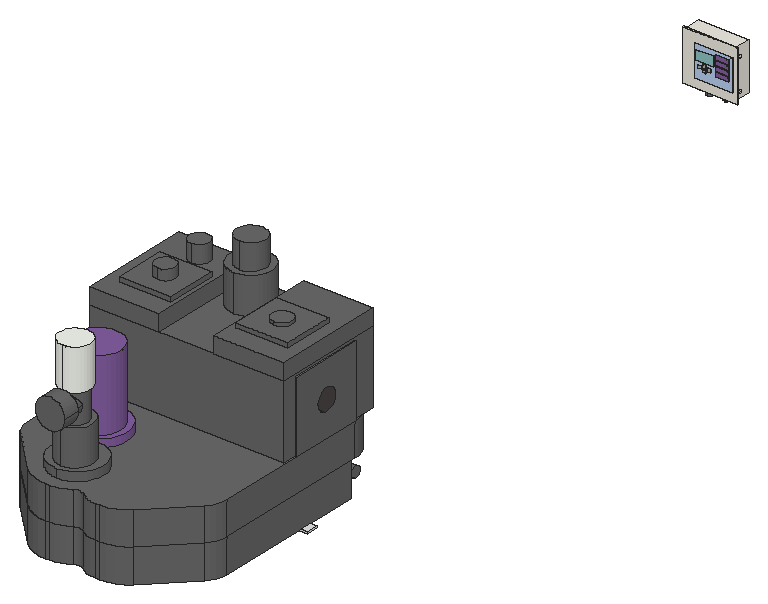
Revit family "11002", category Generic Models, Revit 2021
Family settings
  Can host rebar = No
  Round Connector Dimension = Use Diameter
  Part Type = Normal
  Work Plane-Based = No
  Always vertical = Yes
  Cut with Voids When Loaded = No
  Shared = Yes
  Room Calculation Point = No
Parameters (values of type "11002")
  SUPPLIER = "KESSEL"
  SA700ID49 = "Protection Class I"
  SA700ID48 = "no"
  SA700ID47 = "no"
  SA700ID46 = "yes"
  SA700ID37 = 7000 mm
  SA700ID34 = 38
  SA700ID33 = 1.6 W
  SA700ID32 = 66.03 kg
  SA700ID31 = 1
  SA700ID30 = 1
  SA700ID29 = "RWDR"
  SA700ID21 = 700
  SA700ID10 = "No"
  SA700ID08 = 230 V
  PROCUREWEBLINK = "https://p.caden.as/kessel/11002"
  PROCURELINK = "p.caden.as/kessel/11002"
  PROCUREDATALASTUPDATE = "2024-05-22T12:18:07.356613461+01:00"
  PREVIEW = "../../_pool_/8f/04/11002.png"
  PRC_SPECIFICATIONLINK = "https://ausschreiben.de/catalog/kessel/catalogItem/4f895a9a-ec98-4ba2-8892-15cdaee8a034"
  NN = "Lifting station Aqualift F XL"
  NBSYN = "$SA810ID03."
  NB = "11002"
  Model = "11002"
  Manufacturer = "KESSEL"
  MIdent = "{$CADENAS_DATA/23d-libs/kessel/kessel_vdi_import/4/entwaesserung/hebeanlage20aqualift20f20xl.prj},200 {STYP=ASS},{VTYP=3D},{NB=11002},{LINA=11002},{NN=Lifting station Aqualift F XL},{DATE=21.11.2022 10:48:11},{GEOMDATE=21.11.2022 10:48:11},{VERSION=},{LINEID=70},{WBVAR=LODLEVEL},{WBNUMERIC=LODLEVEL}  {NB=11002},{LINA=11002},{KT=DUMMY},{PREVIEW=../../_pool_/8f/04/11002.png},{SA700ID04=Hebeanlage Aqualift F XL 200 l, Mono, SPF 1400-S3, Schieber},{SA810ID06=04026092056691},{SA700ID34=38.00},{SA010ID03=201805},{SA810ID03=11002},{SA810ID10=Aqualift F XL 1400W-S3 Mono 200L m.S.KESSEL Aqualift F XL Hebeanlage für fäkalienhaltiges und fäkalienfreies Abwasser. Zur Aufstellung in frostgeschützten Räumen.Monoanlage mit einer Pumpe des Typs SPF 1400-S3 Sammelbehälter aus Polyethylen, mit verschraubter Reinigungsöffnung,Anschlussstutzen für Zulauf von oben DN100/150.Inklusive Tauchrohr zur pneumatischen Niveauerfassung,Entlüftungsanschluss DN 70 und Anschluss für eine Handmembranpumpe DN32.Behälter inklusive Haltewinkel zur Auftriebssicherung.Behältervolumen 200 Liter, max. Nutzvolumen bei Zulauf von oben ca. 120 Liter.Zwei seitliche und zwei rückseitige Anbohrflächen zur Montage weiterer Zuläufe bis DN 200 unter Verwendung von Durchgangsdichtungen.Inklusive KESSEL Schaltgerät Aqualift Comfort 230 V.Anwenderfreundliche Menüführung im mehrzeiligem Display. MitSelbstdiagnosesystem (SDS) und Erinnerungsfunktion für nächste Wartung.Anzeige der aktuellen Messwerte. Einfache Einstellung derfunktionsrelevanten Parameter, inklusive Betriebsstundenzähler und Anschlussmöglichkeit für potentialfreien Kontakt. OptionaleWeiterleitung von Alarm- und Sammelstörmeldung über GSM Schnittstelle.Schaltgerät mit Volltextanzeige in sechs Sprachen.Abwasserpumpe(n) mit Freistromrad zur Förderung von fäkalienfreiem und fäkalienhaltigem Abwasser gemäß DIN EN 12050-1. Freier Kugeldurchgang mindestens 40 mm. Pumpe(n) überflutungssicher. Inklusive Rückflussverhinderer, mit Druckabgang aus Kunststoff DN 100. Inklusive Absperrschieber.Pumpe(n) Typ SPF 1400-S3Fördermenge: max. 38 m³/hFörderhöhe: max. 7 mNennleistung (P2): 1,1 KW je PumpeAufnahmeleistung (P1): 1,6 KW je PumpeBetriebsspannung: 230 V WSNennfrequenz: 50 HzNennstrom: 7,3 AAbsicherung: 1 x 16 A trägeSchutzart (Pumpe): IP68 3mWS/48hSchutzart (Schaltgerät): IP 54Bertiebsart: S3 (50 % Einschaltdauer)Kabellänge: 5 mAußenmaße Anlage mit 200 Liter Behälter (BxTxH): 760 x 980 x 770 mm},{SA700ID37=7.00},{SA700ID33=1.60},{SA700ID08=230},{SA700ID30=1},{SA700ID32=66.03},{SA700ID49=Schutzklasse I},{SA700ID50=nein},{SA200ID03=6},{SA250ID03=vertikal},{SA260ID03=Trockenläuferpumpe},{SA350ID03=normalansaugend},{SA400ID03=E-Motor für Wechselstrom},{SA460ID03=direkt},{SA500ID03=Kunststoff, Edelstahl},{SA700ID06=100},{SA700ID07=100},{SA700ID09=1/N/PE 230V},{SA700ID10=Nein},{SA700ID11=50},{SA700ID12=IP 68},{SA700ID13=F},{SA700ID15=40},{SA700ID21=700.00},{SA700ID22=1.10},{SA700ID23=1370},{SA700ID24=1370},{SA700ID26=7.30},{SA700ID27=23.00},{SA700ID28=durchgehend},{SA700ID29=RWDR},{SA700ID31=1},{SA700ID46=ja},{SA700ID47=nein},{SA700ID48=nein},{SA110ID04=Hebeanlage Aqualift F XL},{SA300ID03=einstufig},{SA700ID44=10.00},{SA700ID45=10.00},{SA010ID04=KESSEL AG},{LODLEVEL=200},{LINK=https://www.kessel.de/info?han=11002},{SA970ID01=970},{SA970ID02=7123},{SA970ID03=11002},{SA970ID04=11002617},{SA970ID05=QUAD},{SA970ID06=-410},{SA970ID07=-850},{SA970ID08=0},{SA970ID09=1},{SA970ID10=0},{SA970ID11=0},{SA970ID12=0},{SA970ID13=1},{SA970ID14=0},{SA970ID15=820},{SA970ID16=980},{SA970ID17=771},{LODLEVEL_=200,'Low'},{LODLEVEL_DEU=200,'Low'},{LINK_=https://www.kessel.de/info?han=11002},{LINK_DEU=https://www.kessel.de/info?han=11002},{LODLEVEL_3DB=11002_200},{DNIN1=100},{DNIN2=70},{DNIN4=10},{DNIN5=50},{DNIN6=50},{DNIN7=50},{DNIN8=50},{DNIN9=MIN},{DNOUT1=32},{DNOUT2=100},{DNOUT3=70},{ISD1=96},{ISD2=10},{ISDOUT1=40},{ISDOUT2=70},{ISDOUT3=65},{SA010ID01=010},{SA010ID02=4},{SA010ID06=www.kessel.de},{SA010ID07=www.kessel.de},{SA010ID12=20180713},{SA010ID13=DEU},{SA010ID14=DE},{SA100ID01=100},{SA100ID02=4},{SA100ID04=Entwässerung},{SA110ID01=110},{SA110ID02=6},{SA200ID01=200},{SA200ID02=6},{SA250ID01=250},{SA250ID02=2},{SA260ID01=260},{SA260ID02=2},{SA300ID01=300},{SA300ID02=1},{SA350ID01=350},{SA350ID02=1},{SA400ID01=400},{SA400ID02=1},{SA460ID01=460},{SA460ID02=1},{SA500ID01=500},{SA500ID02=1},{SA700ID01=700},{SA700ID02=39},{SA700ID10_=0},{SA700ID16=0},{SA700ID25=0},{SA700ID46_=1},{SA700ID47_=0},{SA700ID48_=0},{SA700ID49_=1},{SA700ID50_=0},{SA800ID01=800},{SA800ID02=3},{SA810ID01=810},{SA810ID02=39},{SA810ID04=11002},{SA810ID07=39},{SA810ID09=1},{SA810ID14=PCE},{SA810ID15=1},{SA810ID16=NMP},{SA960ID03=39},{SA960ID04=3L},{SA960ID08=https://www.kessel.de/info?han=11002},{SA010ID08=4026092000007},{SA100ID05=Hebeanlage},{SA110ID06=Hebeanlage}"
  LINK = "https://www.kessel.de/info?han=11002"
  LINA = "11002"
  Default Elevation = 0 mm
  CREATOR = "CADENAS GmbH"
  CATALOG = "KESSEL"
  BOMINFO = "LINA"
  ARTICLENO = "NB"
  4.810.00.9 Order quantity (multiplicator) = "1"
  4.810.00.7 Media- connection number = "39"
  4.810.00.6 GTIN number = "04026092056691"
  4.810.00.4 DATANORM number = "11002"
  4.810.00.3 Producer order number = "11002"
  4.710.03.7 Mass (net) = 66.03 kg
  4.710.03.6 Height = 807 mm
  4.710.03.5 Width = 760 mm
  4.710.03.4 Length = 980 mm
  4.710.03.3 Type of dimensions = "2"
  4.710.02.8 Area of application of wastewater pump = "1"
  4.710.02.7 Art des S2/S3-Betriebs = "50 %"
  4.710.02.6 Duty type = "S3"
  4.710.02.5 Cutting device = "0"
  4.710.02.4 Attached pump control = "1"
  4.710.02.3 Free passage = 40 mm
  4.710.01.6 Option to connect to building automation = "40"
  4.710.01.5 Load regulation = "0"
  4.710.01.4 Designation of closed-loop control = "120"
  4.710.01.3 Identifier for closed-loop control = "200"
  4.700.00.9 Voltage = 0
  4.700.00.8 Nominal connection size on suction side = "100"
  4.700.00.7 Nominal connection size on pressure side = "100"
  4.700.00.6 Type of connection = "100"
  4.700.00.4 Product indentification = "Hebeanlage Aqualift F XL 200 l, Mono, SPF 1400-S3, Schieber"
  4.700.00.28 Motor pump shaft = "durchgehend"
  4.700.00.27 Starting current = 23
  4.700.00.26 Maximum power consumption per pump / drive = 7.3
  4.700.00.25 Minimum speed at internal speed adjustment = 0
  4.700.00.24 Nominal speed / maximum speed n = 22.8333
  4.700.00.23 Nominal speed of motor = 22.8333
  4.700.00.22 Maximum shaft output (P2) per pump/drive = 1.1 W
  4.700.00.16 Maximum temperature of pumped medium = 0 °C
  4.700.00.15 Increased safety class = "40 °C"
  4.700.00.13 Type of protection = "F"
  4.700.00.12 Frequency = 0
  4.700.00.11 Stern-/Dreieck-Anlaufschaltung bei Dreiphasenanschluss oder Drehstrom = "50 Hz"
  4.700.00.10 Phase = "0"
  4.500.00.3 Variant / Variant type / Accessories-name = "Kunststoff, Edelstahl"
  4.460.00.3 Variant / Variant type / Accessories-name = "direkt"
  4.400.00.3 Variant / Variant type / Accessories-name = "E-Motor für Wechselstrom"
  4.350.00.3 Variant / Variant type / Accessories-name = "normalansaugend"
  4.300.00.3 Variant / Variant type / Accessories-name = "einstufig"
  4.260.00.3 Variant / Variant type / Accessories-name = "Trockenläuferpumpe"
  4.250.00.3 Variant / Variant type / Accessories-name = "vertikal"
  4.200.00.3 Variant / Variant type / Accessories-name = "6"
  4.110.00.6 Product classification = "Hebeanlage"
  4.110.00.4 Product indentification = "Hebeanlage Aqualift F XL"
  4.100.00.5 Main groups of wares = "Hebeanlage"
  4.100.00.4 Product indentification = "Entwässerung"
  4.010.00.8 Producer ID number = "4026092000007"
  4.010.00.7 Comment = "www.kessel.de"
  4.010.00.6 Web address of the manufacturer = "www.kessel.de"
  4.010.00.4 Manufacturer name = "KESSEL AG"
  4.010.00.3 Date of issuance (month) of guideline = "201805"
  4.010.00.2 Sheet number of the guideline = "4"
  4.010.00.14 Kennungen der Projektländer, für die die Datei gültig ist = "DE"
  4.010.00.13 Sprache der Datei = "DEU"
  4.010.00.12 Stand des Herstellerkatalogs = "20180713"
Reference planes
  plane 1 "Center (Front/Back)": y = 0
  plane 2: z = 0
  plane 3 "Center (Left/Right)": x = 0
Forms (mm)
  Extrusion 1, void
    sketch origin (380.5, -115, 392) x (0, -1, 0) y (0, 0, 1)
      loop
        line (-0.5, -0.5) -> (0.5, -0.5) -> (0.5, 0.5) -> (-0.5, 0.5) -> (-0.5, -0.5)
    from 0 to 1
  Extrusion 2, void
    sketch origin (160.15, 130.5, 392) x (1, 0, 0) y (0, 0, 1)
      loop
        line (-0.5, -0.5) -> (0.5, -0.5) -> (0.5, 0.5) -> (-0.5, 0.5) -> (-0.5, -0.5)
    from 0 to 1
  Extrusion 3, void
    sketch origin (-161, 130.5, 392) x (1, 0, 0) y (0, 0, 1)
      loop
        line (-0.5, -0.5) -> (0.5, -0.5) -> (0.5, 0.5) -> (-0.5, 0.5) -> (-0.5, -0.5)
    from 0 to 1
  Extrusion 4, void
    sketch origin (-380.5, -115, 392) x (0, 1, 0) y (0, 0, 1)
      loop
        line (-0.5, -0.5) -> (0.5, -0.5) -> (0.5, 0.5) -> (-0.5, 0.5) -> (-0.5, -0.5)
    from 0 to 1
Dimensions and locks
  locked: plane 2 to Extrusion 1 at 392.5
  locked: plane 2 to Extrusion 1 at 391.5
  locked: plane 2 to Extrusion 2 at 392.5
  locked: plane 2 to Extrusion 2 at 391.5
  locked: plane 2 to Extrusion 3 at 392.5
  locked: plane 2 to Extrusion 3 at 391.5
  locked: plane 2 to Extrusion 4 at 392.5
  locked: plane 2 to Extrusion 4 at 391.5
  aligned and locked: level to plane 2
Nested families
  nested 1: "11002_content" at (0, 0, 0), type "11002_Content"
  nested 2: "11002_part1_X0Y0" at (1000, 1000, 1200), type "11002_PART1_X0Y0"
  nested 3: "11002_part2_X0Y0" at (0, 0, 0), type "11002_PART2_X0Y0"
Connectors
  piping at (1079.5, 972.5, 1198.5), diameter 609.6
    settings: on nested 2, index 1, connector inside diameter 609.6 mm, connector length 0 mm, flow factor 0, pipe flow 0.0 L/s, pressure drop 0.0 Pa, fitting loss kfactor 0, connector angle 0.00°, fixture units 0, engagement length 0 mm, angle of deflection 0.00°, flow configuration 0, flow direction 0, fitting loss method 2, system type 29, joint type 0, gender type 0, connector reference index -1, connector utility 0, adjustable connector no, is connector primary yes, connector description ""
  electrical at (936.5, 972.5, 1166.5)
    settings: on nested 2, index 2, voltage 0 V, apparent load 0 VA, apparent load phase1 0 VA, apparent load phase2 0 VA, apparent load phase3 0 VA, power factor 1, load classification "Other", number of poles 1, system type 31, power factor state 1, is connector primary yes, connector utility no, sub classification motor no, connector description ""
  piping at (0, 0, 771), diameter 100
    settings: on nested 3, index 3, connector inside diameter 609.6 mm, connector length 0 mm, flow factor 0, pipe flow 0.0 L/s, pressure drop 0.0 Pa, fitting loss kfactor 0, connector angle 0.00°, fixture units 0, engagement length 0 mm, angle of deflection 0.00°, flow configuration 0, flow direction 1, fitting loss method 2, system type 8, joint type 0, gender type 0, connector reference index -1, connector utility 0, adjustable connector no, is connector primary no, connector description ""
  piping at (380.5, -115, 392), diameter 70
    settings: on Extrusion 1, index 4, connector inside diameter 609.6 mm, connector length 0 mm, flow factor 0, pipe flow 0.0 L/s, pressure drop 0.0 Pa, fitting loss kfactor 0, connector angle 0.00°, fixture units 0, engagement length 0 mm, angle of deflection 0.00°, flow configuration 0, flow direction 0, fitting loss method 2, system type 8, joint type 0, gender type 0, connector reference index -1, connector utility 0, adjustable connector no, is connector primary no, connector description ""
  piping at (160.15, 130.5, 392), diameter 70
    settings: on Extrusion 2, index 5, connector inside diameter 609.6 mm, connector length 0 mm, flow factor 0, pipe flow 0.0 L/s, pressure drop 0.0 Pa, fitting loss kfactor 0, connector angle 0.00°, fixture units 0, engagement length 0 mm, angle of deflection 0.00°, flow configuration 0, flow direction 0, fitting loss method 2, system type 8, joint type 0, gender type 0, connector reference index -1, connector utility 0, adjustable connector no, is connector primary no, connector description ""
  piping at (-161, 130.5, 392), diameter 70
    settings: on Extrusion 3, index 6, connector inside diameter 609.6 mm, connector length 0 mm, flow factor 0, pipe flow 0.0 L/s, pressure drop 0.0 Pa, fitting loss kfactor 0, connector angle 0.00°, fixture units 0, engagement length 0 mm, angle of deflection 0.00°, flow configuration 0, flow direction 0, fitting loss method 2, system type 8, joint type 0, gender type 0, connector reference index -1, connector utility 0, adjustable connector no, is connector primary no, connector description ""
  piping at (-380.5, -115, 392), diameter 70
    settings: on Extrusion 4, index 7, connector inside diameter 609.6 mm, connector length 0 mm, flow factor 0, pipe flow 0.0 L/s, pressure drop 0.0 Pa, fitting loss kfactor 0, connector angle 0.00°, fixture units 0, engagement length 0 mm, angle of deflection 0.00°, flow configuration 0, flow direction 0, fitting loss method 2, system type 8, joint type 0, gender type 0, connector reference index -1, connector utility 0, adjustable connector no, is connector primary no, connector description ""
  piping at (-100, -830, 487), diameter 100
    settings: on nested 3, index 8, connector inside diameter 609.6 mm, connector length 0 mm, flow factor 0, pipe flow 0.0 L/s, pressure drop 0.0 Pa, fitting loss kfactor 0, connector angle 0.00°, fixture units 0, engagement length 0 mm, angle of deflection 0.00°, flow configuration 0, flow direction 2, fitting loss method 2, system type 7, joint type 0, gender type 0, connector reference index -1, connector utility 0, adjustable connector no, is connector primary no, connector description ""
  piping at (-225, 36, 661), diameter 70
    settings: on nested 3, index 9, connector inside diameter 609.6 mm, connector length 0 mm, flow factor 0, pipe flow 0.0 L/s, pressure drop 0.0 Pa, fitting loss kfactor 0, connector angle 0.00°, fixture units 0, engagement length 0 mm, angle of deflection 0.00°, flow configuration 0, flow direction 2, fitting loss method 2, system type 7, joint type 0, gender type 0, connector reference index -1, connector utility 0, adjustable connector no, is connector primary no, connector description ""
  piping at (354.5, 56, 60), diameter 32
    settings: on nested 3, index 10, connector inside diameter 609.6 mm, connector length 0 mm, flow factor 0, pipe flow 0.0 L/s, pressure drop 0.0 Pa, fitting loss kfactor 0, connector angle 0.00°, fixture units 0, engagement length 0 mm, angle of deflection 0.00°, flow configuration 0, flow direction 2, fitting loss method 2, system type 7, joint type 0, gender type 0, connector reference index -1, connector utility 0, adjustable connector no, is connector primary no, connector description ""
  electrical at (-185, -496.75, 557)
    settings: on nested 3, index 11, voltage 0 V, apparent load 0 VA, apparent load phase1 0 VA, apparent load phase2 0 VA, apparent load phase3 0 VA, power factor 1, load classification "Other", number of poles 1, system type 31, power factor state 1, is connector primary no, connector utility no, sub classification motor no, connector description ""
  electrical at (-222.5, -129, 650)
    settings: on nested 3, index 12, voltage 0 V, apparent load 0 VA, apparent load phase1 0 VA, apparent load phase2 0 VA, apparent load phase3 0 VA, power factor 1, load classification "Other", number of poles 1, system type 31, power factor state 1, is connector primary no, connector utility no, sub classification motor no, connector description ""
Definition of nested family "11002_part1_X0Y0"
  Parameters (values of type "11002_PART1_X0Y0")
    SUPPLIER = "KESSEL"
    SA700ID49 = "Protection Class I"
    SA700ID48 = "no"
    SA700ID47 = "no"
    SA700ID46 = "yes"
    SA700ID37 = 7000 mm
    SA700ID34 = 38
    SA700ID33 = 1.6 W
    SA700ID32 = 66.03 kg
    SA700ID31 = 1
    SA700ID30 = 1
    SA700ID29 = "RWDR"
    SA700ID21 = 700
    SA700ID10 = "No"
    SA700ID08 = 230 V
    PREVIEW = "../../_pool_/8f/04/11002.png"
    NBSYN = "$SA810ID03._PART1"
    NB = "11002_PART1"
    Model = "11002_PART1"
    Manufacturer = "KESSEL"
    MIdent = "{$CADENAS_DATA/23d-libs/kessel/kessel_vdi_import/4/entwaesserung/hebeanlage20aqualift20f20xl.prj},220 {VTYP=3D},{NB=11002_PART1},{LINA=11002_PART1},{NN=Lifting station Aqualift F XL_PART1},{NOPRJ=TRUE},{DATE=21.11.2022 10:48:11},{GEOMDATE=21.11.2022 10:48:11},{VERSION=},{LINEID=70},{WBVAR=LODLEVEL},{WBNUMERIC=LODLEVEL}  {NB=11002_PART1},{LINA=11002_PART1},{KT=DUMMY},{PREVIEW=../../_pool_/8f/04/11002.png},{SA700ID04=Hebeanlage Aqualift F XL 200 l, Mono, SPF 1400-S3, Schieber},{SA810ID06=04026092056691},{SA700ID34=38.00},{SA010ID03=201805},{SA810ID03=11002},{SA810ID10=Aqualift F XL 1400W-S3 Mono 200L m.S.KESSEL Aqualift F XL Hebeanlage für fäkalienhaltiges und fäkalienfreies Abwasser. Zur Aufstellung in frostgeschützten Räumen.Monoanlage mit einer Pumpe des Typs SPF 1400-S3 Sammelbehälter aus Polyethylen, mit verschraubter Reinigungsöffnung,Anschlussstutzen für Zulauf von oben DN100/150.Inklusive Tauchrohr zur pneumatischen Niveauerfassung,Entlüftungsanschluss DN 70 und Anschluss für eine Handmembranpumpe DN32.Behälter inklusive Haltewinkel zur Auftriebssicherung.Behältervolumen 200 Liter, max. Nutzvolumen bei Zulauf von oben ca. 120 Liter.Zwei seitliche und zwei rückseitige Anbohrflächen zur Montage weiterer Zuläufe bis DN 200 unter Verwendung von Durchgangsdichtungen.Inklusive KESSEL Schaltgerät Aqualift Comfort 230 V.Anwenderfreundliche Menüführung im mehrzeiligem Display. MitSelbstdiagnosesystem (SDS) und Erinnerungsfunktion für nächste Wartung.Anzeige der aktuellen Messwerte. Einfache Einstellung derfunktionsrelevanten Parameter, inklusive Betriebsstundenzähler und Anschlussmöglichkeit für potentialfreien Kontakt. OptionaleWeiterleitung von Alarm- und Sammelstörmeldung über GSM Schnittstelle.Schaltgerät mit Volltextanzeige in sechs Sprachen.Abwasserpumpe(n) mit Freistromrad zur Förderung von fäkalienfreiem und fäkalienhaltigem Abwasser gemäß DIN EN 12050-1. Freier Kugeldurchgang mindestens 40 mm. Pumpe(n) überflutungssicher. Inklusive Rückflussverhinderer, mit Druckabgang aus Kunststoff DN 100. Inklusive Absperrschieber.Pumpe(n) Typ SPF 1400-S3Fördermenge: max. 38 m³/hFörderhöhe: max. 7 mNennleistung (P2): 1,1 KW je PumpeAufnahmeleistung (P1): 1,6 KW je PumpeBetriebsspannung: 230 V WSNennfrequenz: 50 HzNennstrom: 7,3 AAbsicherung: 1 x 16 A trägeSchutzart (Pumpe): IP68 3mWS/48hSchutzart (Schaltgerät): IP 54Bertiebsart: S3 (50 % Einschaltdauer)Kabellänge: 5 mAußenmaße Anlage mit 200 Liter Behälter (BxTxH): 760 x 980 x 770 mm},{SA700ID37=7.00},{SA700ID33=1.60},{SA700ID08=230},{SA700ID30=1},{SA700ID32=66.03},{SA700ID49=Schutzklasse I},{SA700ID50=nein},{SA200ID03=6},{SA250ID03=vertikal},{SA260ID03=Trockenläuferpumpe},{SA350ID03=normalansaugend},{SA400ID03=E-Motor für Wechselstrom},{SA460ID03=direkt},{SA500ID03=Kunststoff, Edelstahl},{SA700ID06=100},{SA700ID07=100},{SA700ID09=1/N/PE 230V},{SA700ID10=Nein},{SA700ID11=50},{SA700ID12=IP 68},{SA700ID13=F},{SA700ID15=40},{SA700ID21=700.00},{SA700ID22=1.10},{SA700ID23=1370},{SA700ID24=1370},{SA700ID26=7.30},{SA700ID27=23.00},{SA700ID28=durchgehend},{SA700ID29=RWDR},{SA700ID31=1},{SA700ID46=ja},{SA700ID47=nein},{SA700ID48=nein},{SA110ID04=Hebeanlage Aqualift F XL},{SA300ID03=einstufig},{SA700ID44=10.00},{SA700ID45=10.00},{SA010ID04=KESSEL AG},{LODLEVEL=200},{LINK=https://www.kessel.de/info?han=11002},{SA970ID01=970},{SA970ID02=7123},{SA970ID03=11002},{SA970ID04=11002617},{SA970ID05=QUAD},{SA970ID06=-410},{SA970ID07=-850},{SA970ID08=0},{SA970ID09=1},{SA970ID10=0},{SA970ID11=0},{SA970ID12=0},{SA970ID13=1},{SA970ID14=0},{SA970ID15=820},{SA970ID16=980},{SA970ID17=771},{LODLEVEL_=200,'Low'},{LODLEVEL_DEU=200,'Low'},{LINK_=https://www.kessel.de/info?han=11002},{LINK_DEU=https://www.kessel.de/info?han=11002},{LODLEVEL_3DB=11002_200},{DNIN1=100},{DNIN2=70},{DNIN4=10},{DNIN5=50},{DNIN6=50},{DNIN7=50},{DNIN8=50},{DNIN9=MIN},{DNOUT1=32},{DNOUT2=100},{DNOUT3=70},{ISD1=96},{ISD2=10},{ISDOUT1=40},{ISDOUT2=70},{ISDOUT3=65},{SA010ID01=010},{SA010ID02=4},{SA010ID06=www.kessel.de},{SA010ID07=www.kessel.de},{SA010ID12=20180713},{SA010ID13=DEU},{SA010ID14=DE},{SA100ID01=100},{SA100ID02=4},{SA100ID04=Entwässerung},{SA110ID01=110},{SA110ID02=6},{SA200ID01=200},{SA200ID02=6},{SA250ID01=250},{SA250ID02=2},{SA260ID01=260},{SA260ID02=2},{SA300ID01=300},{SA300ID02=1},{SA350ID01=350},{SA350ID02=1},{SA400ID01=400},{SA400ID02=1},{SA460ID01=460},{SA460ID02=1},{SA500ID01=500},{SA500ID02=1},{SA700ID01=700},{SA700ID02=39},{SA700ID10_=0},{SA700ID16=0},{SA700ID25=0},{SA700ID46_=1},{SA700ID47_=0},{SA700ID48_=0},{SA700ID49_=1},{SA700ID50_=0},{SA800ID01=800},{SA800ID02=3},{SA810ID01=810},{SA810ID02=39},{SA810ID04=11002},{SA810ID07=39},{SA810ID09=1},{SA810ID14=PCE},{SA810ID15=1},{SA810ID16=NMP},{SA960ID03=39},{SA960ID04=3L},{SA960ID08=https://www.kessel.de/info?han=11002},{SA010ID08=4026092000007},{SA100ID05=Hebeanlage},{SA110ID06=Hebeanlage}"
    LINK = "https://www.kessel.de/info?han=11002"
    LINA = "11002_PART1"
    Default Elevation = 1219.2 mm
    CREATOR = "CADENAS GmbH"
    CATALOG = "KESSEL"
    BOMINFO = "LINA"
    ARTICLENO = "NB"
    4.810.00.9 Order quantity (multiplicator) = "1"
    4.810.00.7 Media- connection number = "39"
    4.810.00.6 GTIN number = "04026092056691"
    4.810.00.4 DATANORM number = "11002"
    4.810.00.3 Producer order number = "11002"
    4.710.03.7 Mass (net) = 66.03 kg
    4.710.03.6 Height = 807 mm
    4.710.03.5 Width = 760 mm
    4.710.03.4 Length = 980 mm
    4.710.03.3 Type of dimensions = "2"
    4.710.02.8 Area of application of wastewater pump = "1"
    4.710.02.7 Art des S2/S3-Betriebs = "50 %"
    4.710.02.6 Duty type = "S3"
    4.710.02.5 Cutting device = "0"
    4.710.02.4 Attached pump control = "1"
    4.710.02.3 Free passage = 40 mm
    4.710.01.6 Option to connect to building automation = "40"
    4.710.01.5 Load regulation = "0"
    4.710.01.4 Designation of closed-loop control = "120"
    4.710.01.3 Identifier for closed-loop control = "200"
    4.700.00.9 Voltage = 0
    4.700.00.8 Nominal connection size on suction side = "100"
    4.700.00.7 Nominal connection size on pressure side = "100"
    4.700.00.6 Type of connection = "100"
    4.700.00.4 Product indentification = "Hebeanlage Aqualift F XL 200 l, Mono, SPF 1400-S3, Schieber"
    4.700.00.28 Motor pump shaft = "durchgehend"
    4.700.00.27 Starting current = 23
    4.700.00.26 Maximum power consumption per pump / drive = 7.3
    4.700.00.25 Minimum speed at internal speed adjustment = 0
    4.700.00.24 Nominal speed / maximum speed n = 22.8333
    4.700.00.23 Nominal speed of motor = 22.8333
    4.700.00.22 Maximum shaft output (P2) per pump/drive = 1.1 W
    4.700.00.16 Maximum temperature of pumped medium = 0 °C
    4.700.00.15 Increased safety class = "40 °C"
    4.700.00.13 Type of protection = "F"
    4.700.00.12 Frequency = 0
    4.700.00.11 Stern-/Dreieck-Anlaufschaltung bei Dreiphasenanschluss oder Drehstrom = "50 Hz"
    4.700.00.10 Phase = "0"
    4.500.00.3 Variant / Variant type / Accessories-name = "Kunststoff, Edelstahl"
    4.460.00.3 Variant / Variant type / Accessories-name = "direkt"
    4.400.00.3 Variant / Variant type / Accessories-name = "E-Motor für Wechselstrom"
    4.350.00.3 Variant / Variant type / Accessories-name = "normalansaugend"
    4.300.00.3 Variant / Variant type / Accessories-name = "einstufig"
    4.260.00.3 Variant / Variant type / Accessories-name = "Trockenläuferpumpe"
    4.250.00.3 Variant / Variant type / Accessories-name = "vertikal"
    4.200.00.3 Variant / Variant type / Accessories-name = "6"
    4.110.00.6 Product classification = "Hebeanlage"
    4.110.00.4 Product indentification = "Hebeanlage Aqualift F XL"
    4.100.00.5 Main groups of wares = "Hebeanlage"
    4.100.00.4 Product indentification = "Entwässerung"
    4.010.00.8 Producer ID number = "4026092000007"
    4.010.00.7 Comment = "www.kessel.de"
    4.010.00.6 Web address of the manufacturer = "www.kessel.de"
    4.010.00.4 Manufacturer name = "KESSEL AG"
    4.010.00.3 Date of issuance (month) of guideline = "201805"
    4.010.00.2 Sheet number of the guideline = "4"
    4.010.00.14 Kennungen der Projektländer, für die die Datei gültig ist = "DE"
    4.010.00.13 Sprache der Datei = "DEU"
    4.010.00.12 Stand des Herstellerkatalogs = "20180713"
  Reference planes
    plane 1 "Center (Front/Back)": y = 0
    plane 2: z = 0
    plane 3 "Center (Left/Right)": x = 0
  Dimensions and locks
    aligned and locked: level to plane 2
  Nested families
    nested 1: "11002_part1_content" at (0, 0, 0), type "11002_PART1_Content"
  Definition of nested family "11002_part1_content"
    Parameters (values of type "11002_PART1_Content")
      SUPPLIER = "KESSEL"
      SA700ID49 = "Protection Class I"
      SA700ID48 = "no"
      SA700ID47 = "no"
      SA700ID46 = "yes"
      SA700ID37 = 7000 mm
      SA700ID34 = 38
      SA700ID33 = 1.6 W
      SA700ID32 = 66.03 kg
      SA700ID31 = 1
      SA700ID30 = 1
      SA700ID29 = "RWDR"
      SA700ID21 = 700
      SA700ID10 = "No"
      SA700ID08 = 230 V
      PREVIEW = "../../_pool_/8f/04/11002.png"
      NBSYN = "$SA810ID03._PART1"
      NB = "11002_PART1"
      Model = "11002_PART1"
      Manufacturer = "KESSEL"
      LINK = "https://www.kessel.de/info?han=11002"
      LINA = "11002_PART1"
      Default Elevation = 1219.2 mm
      CREATOR = "CADENAS GmbH"
      CATALOG = "KESSEL"
      BOMINFO = "LINA"
      ARTICLENO = "NB"
      4.810.00.9 Order quantity (multiplicator) = "1"
      4.810.00.7 Media- connection number = "39"
      4.810.00.6 GTIN number = "04026092056691"
      4.810.00.4 DATANORM number = "11002"
      4.810.00.3 Producer order number = "11002"
      4.710.03.7 Mass (net) = 66.03 kg
      4.710.03.6 Height = 807 mm
      4.710.03.5 Width = 760 mm
      4.710.03.4 Length = 980 mm
      4.710.03.3 Type of dimensions = "2"
      4.710.02.8 Area of application of wastewater pump = "1"
      4.710.02.7 Art des S2/S3-Betriebs = "50 %"
      4.710.02.6 Duty type = "S3"
      4.710.02.5 Cutting device = "0"
      4.710.02.4 Attached pump control = "1"
      4.710.02.3 Free passage = 40 mm
      4.710.01.6 Option to connect to building automation = "40"
      4.710.01.5 Load regulation = "0"
      4.710.01.4 Designation of closed-loop control = "120"
      4.710.01.3 Identifier for closed-loop control = "200"
      4.700.00.9 Voltage = 0
      4.700.00.8 Nominal connection size on suction side = "100"
      4.700.00.7 Nominal connection size on pressure side = "100"
      4.700.00.6 Type of connection = "100"
      4.700.00.4 Product indentification = "Hebeanlage Aqualift F XL 200 l, Mono, SPF 1400-S3, Schieber"
      4.700.00.28 Motor pump shaft = "durchgehend"
      4.700.00.27 Starting current = 23
      4.700.00.26 Maximum power consumption per pump / drive = 7.3
      4.700.00.25 Minimum speed at internal speed adjustment = 0
      4.700.00.24 Nominal speed / maximum speed n = 22.8333
      4.700.00.23 Nominal speed of motor = 22.8333
      4.700.00.22 Maximum shaft output (P2) per pump/drive = 1.1 W
      4.700.00.16 Maximum temperature of pumped medium = 0 °C
      4.700.00.15 Increased safety class = "40 °C"
      4.700.00.13 Type of protection = "F"
      4.700.00.12 Frequency = 0
      4.700.00.11 Stern-/Dreieck-Anlaufschaltung bei Dreiphasenanschluss oder Drehstrom = "50 Hz"
      4.700.00.10 Phase = "0"
      4.500.00.3 Variant / Variant type / Accessories-name = "Kunststoff, Edelstahl"
      4.460.00.3 Variant / Variant type / Accessories-name = "direkt"
      4.400.00.3 Variant / Variant type / Accessories-name = "E-Motor für Wechselstrom"
      4.350.00.3 Variant / Variant type / Accessories-name = "normalansaugend"
      4.300.00.3 Variant / Variant type / Accessories-name = "einstufig"
      4.260.00.3 Variant / Variant type / Accessories-name = "Trockenläuferpumpe"
      4.250.00.3 Variant / Variant type / Accessories-name = "vertikal"
      4.200.00.3 Variant / Variant type / Accessories-name = "6"
      4.110.00.6 Product classification = "Hebeanlage"
      4.110.00.4 Product indentification = "Hebeanlage Aqualift F XL"
      4.100.00.5 Main groups of wares = "Hebeanlage"
      4.100.00.4 Product indentification = "Entwässerung"
      4.010.00.8 Producer ID number = "4026092000007"
      4.010.00.7 Comment = "www.kessel.de"
      4.010.00.6 Web address of the manufacturer = "www.kessel.de"
      4.010.00.4 Manufacturer name = "KESSEL AG"
      4.010.00.3 Date of issuance (month) of guideline = "201805"
      4.010.00.2 Sheet number of the guideline = "4"
      4.010.00.14 Kennungen der Projektländer, für die die Datei gültig ist = "DE"
      4.010.00.13 Sprache der Datei = "DEU"
      4.010.00.12 Stand des Herstellerkatalogs = "20180713"
    Reference planes
      plane 1 "Center (Front/Back)": y = 0
      plane 2: z = 0
      plane 3 "Center (Left/Right)": x = 0
    Forms (mm)
      Extrusion 1, solid, detail levels medium+fine
        sketch origin (94.5, 0, 0) x (0, -1, 0) y (0, 0, 1)
          loop
            line (0, 181) -> (0, 0) -> (66, 0) -> (66, 181) -> (0, 181)
        from 0 to 189
      Extrusion 2, solid, detail levels medium+fine
        sketch origin (108.5, -66, -7) x (0, -1, 0) y (0, 0, 1)
          loop
            line (0, 194) -> (0, 0) -> (2, 0) -> (2, 194) -> (0, 194)
        from 0 to 208
      Extrusion 3, solid, detail levels medium+fine
        sketch origin (90, -68, 26.5) x (0, -1, 0) y (0, 0, 1)
          loop
            line (-1.2, 120) -> (-1.2, 0) -> (0.25, 0) -> (0.25, 120) -> (-1.2, 120)
        from 0 to 146
      Extrusion 4, solid, detail levels medium+fine
        sketch origin (5.5, -68.25, 66) x (0, -1, 0) y (0, 0, 1)
          loop
            line (-1, 12) -> (-1, 0) -> (0.5, 0) -> (0.5, 12) -> (-1, 12)
        from 0 to 12
      Extrusion 5, solid, detail levels medium+fine
        sketch origin (76.25, -68.25, 79) x (0, -1, 0) y (0, 0, 1)
          loop
            line (0, 16) -> (0, 0) -> (1.75, 0) -> (1.75, 16) -> (0, 16)
        from 0 to 51
      Extrusion 6, solid, detail levels medium+fine
        sketch origin (-11.75, -68.25, 74) x (0, -1, 0) y (0, 0, 1)
          loop
            line (-1, 12) -> (-1, 0) -> (0.5, 0) -> (0.5, 12) -> (-1, 12)
        from 0 to 12
      Extrusion 7, solid, detail levels medium+fine
        sketch origin (76.25, -68.25, 59) x (0, -1, 0) y (0, 0, 1)
          loop
            line (0, 16) -> (0, 0) -> (1.75, 0) -> (1.75, 16) -> (0, 16)
        from 0 to 51
      Extrusion 8, solid, detail levels medium+fine
        sketch origin (17.4, -68.25, 89.5) x (0, -1, 0) y (0, 0, 1)
          loop
            line (-1, 37) -> (-1, 0) -> (0.5, 0) -> (0.5, 37) -> (-1, 37)
        from 0 to 66
      Extrusion 9, solid, detail levels medium+fine
        sketch origin (76.25, -68.25, 99) x (0, -1, 0) y (0, 0, 1)
          loop
            line (0, 16) -> (0, 0) -> (1.75, 0) -> (1.75, 16) -> (0, 16)
        from 0 to 51
      Extrusion 10, solid, detail levels medium+fine
        sketch origin (-11.75, -68.25, 57.5) x (0, -1, 0) y (0, 0, 1)
          loop
            line (-1, 12) -> (-1, 0) -> (0.5, 0) -> (0.5, 12) -> (-1, 12)
        from 0 to 12
      Extrusion 11, solid, detail levels medium+fine
        sketch origin (76.25, -68.25, 119) x (0, -1, 0) y (0, 0, 1)
          loop
            line (0, 16) -> (0, 0) -> (1.75, 0) -> (1.75, 16) -> (0, 16)
        from 0 to 51
      Extrusion 12, solid, detail levels medium+fine
        sketch origin (-29, -68.25, 66) x (0, -1, 0) y (0, 0, 1)
          loop
            line (-1, 12) -> (-1, 0) -> (0.5, 0) -> (0.5, 12) -> (-1, 12)
        from 0 to 12
      Extrusion 13, solid, detail levels medium+fine
        sketch origin (5, -27.5, 0) x (1, 0, 0) y (0, -1, 0)
          loop
            circle (0, 0) r 11
        from 0 to 17.3
      Extrusion 14, solid, detail levels medium+fine
        sketch origin (5, -27.5, -17.2) x (1, 0, 0) y (0, -1, 0)
          loop
            circle (0, 0) r 8.65
        from 0 to 9.8
      Extrusion 15, solid, detail levels medium+fine
        sketch origin (-29, -27.5, 0) x (1, 0, 0) y (0, -1, 0)
          loop
            circle (0, 0) r 11.4
        from 0 to 9
      Extrusion 16, solid, detail levels medium+fine
        sketch origin (-29, -27.5, -9) x (1, 0, 0) y (0, -1, 0)
          loop
            circle (0, 0) r 11.75
        from 0 to 28
      Extrusion 17, solid, detail levels medium+fine
        sketch origin (33, -27.5, 0) x (1, 0, 0) y (0, -1, 0)
          loop
            circle (0, 0) r 11
        from 0 to 11
      Extrusion 18, solid, detail levels medium+fine
        sketch origin (33, -27.5, -11) x (1, 0, 0) y (0, -1, 0)
          loop
            circle (0, 0) r 11
        from 0 to 19.8
      Extrusion 19, solid, detail levels medium+fine
        sketch origin (33, -27.5, -30.7) x (1, 0, 0) y (0, -1, 0)
          loop
            circle (0, 0) r 6
        from 0 to 8
      Extrusion 20, solid, detail levels medium+fine
        sketch origin (57.5, -27.5, 0) x (1, 0, 0) y (0, -1, 0)
          loop
            circle (0, 0) r 10
        from 0 to 1.5
      Extrusion 21, solid, detail levels medium+fine
        sketch origin (106.5, -50, 145) x (0, -1, 0) y (0, 0, 1)
          loop
            line (0, 4) -> (0, 0) -> (16, 0) -> (16, 4) -> (0, 4)
        from 0 to 12
      Extrusion 22, solid, detail levels medium+fine
        sketch origin (106.5, -50, 149) x (0, -1, 0) y (0, 0, 1)
          loop
            line (0, 4) -> (0, 0) -> (12, 0) -> (12, 4) -> (0, 4)
        from 0 to 16
      Extrusion 23, solid, detail levels medium+fine
        sketch origin (106.5, -50, 26) x (0, -1, 0) y (0, 0, 1)
          loop
            line (0, 4) -> (0, 0) -> (16, 0) -> (16, 4) -> (0, 4)
        from 0 to 12
      Extrusion 24, solid, detail levels medium+fine
        sketch origin (106.5, -50, 30) x (0, -1, 0) y (0, 0, 1)
          loop
            line (0, 4) -> (0, 0) -> (12, 0) -> (12, 4) -> (0, 4)
        from 0 to 16
      Extrusion 25, solid, detail levels medium+fine
        sketch origin (-63.5, -27.5, 0) x (1, 0, 0) y (0, -1, 0)
          loop
            circle (0, 0) r 11
        from 0 to 23.5
      Extrusion 26, solid, detail levels medium+fine
        sketch origin (-63.5, -27.5, -23.5) x (1, 0, 0) y (0, -1, 0)
          loop
            circle (0, 0) r 3
        from 0 to 10
      Extrusion 27, solid, detail levels medium+fine
        sketch origin (79.5, -27.5, 0) x (1, 0, 0) y (0, -1, 0)
          loop
            circle (0, 0) r 10
        from 0 to 1.5
      Extrusion 28, solid, detail levels coarse
        sketch origin (4.5, -35, -38.7) x (1, 0, 0) y (0, 1, 0)
          loop
            line (-104, -35) -> (104, -35) -> (104, 35) -> (-104, 35) -> (-104, -35)
        from 0 to 225.7
    Dimensions and locks
      aligned and locked: level to plane 2
Definition of nested family "11002_part2_X0Y0"
  Parameters (values of type "11002_PART2_X0Y0")
    SUPPLIER = "KESSEL"
    SA700ID49 = "Protection Class I"
    SA700ID48 = "no"
    SA700ID47 = "no"
    SA700ID46 = "yes"
    SA700ID37 = 7000 mm
    SA700ID34 = 38
    SA700ID33 = 1.6 W
    SA700ID32 = 66.03 kg
    SA700ID31 = 1
    SA700ID30 = 1
    SA700ID29 = "RWDR"
    SA700ID21 = 700
    SA700ID10 = "No"
    SA700ID08 = 230 V
    PREVIEW = "../../_pool_/8f/04/11002.png"
    NBSYN = "$SA810ID03._PART2"
    NB = "11002_PART2"
    Model = "11002_PART2"
    Manufacturer = "KESSEL"
    MIdent = "{$CADENAS_DATA/23d-libs/kessel/kessel_vdi_import/4/entwaesserung/hebeanlage20aqualift20f20xl.prj},220 {VTYP=3D},{NB=11002_PART2},{LINA=11002_PART2},{NN=Lifting station Aqualift F XL_PART2},{NOPRJ=TRUE},{DATE=21.11.2022 10:48:11},{GEOMDATE=21.11.2022 10:48:11},{VERSION=},{LINEID=70},{WBVAR=LODLEVEL},{WBNUMERIC=LODLEVEL}  {NB=11002_PART2},{LINA=11002_PART2},{KT=DUMMY},{PREVIEW=../../_pool_/8f/04/11002.png},{SA700ID04=Hebeanlage Aqualift F XL 200 l, Mono, SPF 1400-S3, Schieber},{SA810ID06=04026092056691},{SA700ID34=38.00},{SA010ID03=201805},{SA810ID03=11002},{SA810ID10=Aqualift F XL 1400W-S3 Mono 200L m.S.KESSEL Aqualift F XL Hebeanlage für fäkalienhaltiges und fäkalienfreies Abwasser. Zur Aufstellung in frostgeschützten Räumen.Monoanlage mit einer Pumpe des Typs SPF 1400-S3 Sammelbehälter aus Polyethylen, mit verschraubter Reinigungsöffnung,Anschlussstutzen für Zulauf von oben DN100/150.Inklusive Tauchrohr zur pneumatischen Niveauerfassung,Entlüftungsanschluss DN 70 und Anschluss für eine Handmembranpumpe DN32.Behälter inklusive Haltewinkel zur Auftriebssicherung.Behältervolumen 200 Liter, max. Nutzvolumen bei Zulauf von oben ca. 120 Liter.Zwei seitliche und zwei rückseitige Anbohrflächen zur Montage weiterer Zuläufe bis DN 200 unter Verwendung von Durchgangsdichtungen.Inklusive KESSEL Schaltgerät Aqualift Comfort 230 V.Anwenderfreundliche Menüführung im mehrzeiligem Display. MitSelbstdiagnosesystem (SDS) und Erinnerungsfunktion für nächste Wartung.Anzeige der aktuellen Messwerte. Einfache Einstellung derfunktionsrelevanten Parameter, inklusive Betriebsstundenzähler und Anschlussmöglichkeit für potentialfreien Kontakt. OptionaleWeiterleitung von Alarm- und Sammelstörmeldung über GSM Schnittstelle.Schaltgerät mit Volltextanzeige in sechs Sprachen.Abwasserpumpe(n) mit Freistromrad zur Förderung von fäkalienfreiem und fäkalienhaltigem Abwasser gemäß DIN EN 12050-1. Freier Kugeldurchgang mindestens 40 mm. Pumpe(n) überflutungssicher. Inklusive Rückflussverhinderer, mit Druckabgang aus Kunststoff DN 100. Inklusive Absperrschieber.Pumpe(n) Typ SPF 1400-S3Fördermenge: max. 38 m³/hFörderhöhe: max. 7 mNennleistung (P2): 1,1 KW je PumpeAufnahmeleistung (P1): 1,6 KW je PumpeBetriebsspannung: 230 V WSNennfrequenz: 50 HzNennstrom: 7,3 AAbsicherung: 1 x 16 A trägeSchutzart (Pumpe): IP68 3mWS/48hSchutzart (Schaltgerät): IP 54Bertiebsart: S3 (50 % Einschaltdauer)Kabellänge: 5 mAußenmaße Anlage mit 200 Liter Behälter (BxTxH): 760 x 980 x 770 mm},{SA700ID37=7.00},{SA700ID33=1.60},{SA700ID08=230},{SA700ID30=1},{SA700ID32=66.03},{SA700ID49=Schutzklasse I},{SA700ID50=nein},{SA200ID03=6},{SA250ID03=vertikal},{SA260ID03=Trockenläuferpumpe},{SA350ID03=normalansaugend},{SA400ID03=E-Motor für Wechselstrom},{SA460ID03=direkt},{SA500ID03=Kunststoff, Edelstahl},{SA700ID06=100},{SA700ID07=100},{SA700ID09=1/N/PE 230V},{SA700ID10=Nein},{SA700ID11=50},{SA700ID12=IP 68},{SA700ID13=F},{SA700ID15=40},{SA700ID21=700.00},{SA700ID22=1.10},{SA700ID23=1370},{SA700ID24=1370},{SA700ID26=7.30},{SA700ID27=23.00},{SA700ID28=durchgehend},{SA700ID29=RWDR},{SA700ID31=1},{SA700ID46=ja},{SA700ID47=nein},{SA700ID48=nein},{SA110ID04=Hebeanlage Aqualift F XL},{SA300ID03=einstufig},{SA700ID44=10.00},{SA700ID45=10.00},{SA010ID04=KESSEL AG},{LODLEVEL=200},{LINK=https://www.kessel.de/info?han=11002},{SA970ID01=970},{SA970ID02=7123},{SA970ID03=11002},{SA970ID04=11002617},{SA970ID05=QUAD},{SA970ID06=-410},{SA970ID07=-850},{SA970ID08=0},{SA970ID09=1},{SA970ID10=0},{SA970ID11=0},{SA970ID12=0},{SA970ID13=1},{SA970ID14=0},{SA970ID15=820},{SA970ID16=980},{SA970ID17=771},{LODLEVEL_=200,'Low'},{LODLEVEL_DEU=200,'Low'},{LINK_=https://www.kessel.de/info?han=11002},{LINK_DEU=https://www.kessel.de/info?han=11002},{LODLEVEL_3DB=11002_200},{DNIN1=100},{DNIN2=70},{DNIN4=10},{DNIN5=50},{DNIN6=50},{DNIN7=50},{DNIN8=50},{DNIN9=MIN},{DNOUT1=32},{DNOUT2=100},{DNOUT3=70},{ISD1=96},{ISD2=10},{ISDOUT1=40},{ISDOUT2=70},{ISDOUT3=65},{SA010ID01=010},{SA010ID02=4},{SA010ID06=www.kessel.de},{SA010ID07=www.kessel.de},{SA010ID12=20180713},{SA010ID13=DEU},{SA010ID14=DE},{SA100ID01=100},{SA100ID02=4},{SA100ID04=Entwässerung},{SA110ID01=110},{SA110ID02=6},{SA200ID01=200},{SA200ID02=6},{SA250ID01=250},{SA250ID02=2},{SA260ID01=260},{SA260ID02=2},{SA300ID01=300},{SA300ID02=1},{SA350ID01=350},{SA350ID02=1},{SA400ID01=400},{SA400ID02=1},{SA460ID01=460},{SA460ID02=1},{SA500ID01=500},{SA500ID02=1},{SA700ID01=700},{SA700ID02=39},{SA700ID10_=0},{SA700ID16=0},{SA700ID25=0},{SA700ID46_=1},{SA700ID47_=0},{SA700ID48_=0},{SA700ID49_=1},{SA700ID50_=0},{SA800ID01=800},{SA800ID02=3},{SA810ID01=810},{SA810ID02=39},{SA810ID04=11002},{SA810ID07=39},{SA810ID09=1},{SA810ID14=PCE},{SA810ID15=1},{SA810ID16=NMP},{SA960ID03=39},{SA960ID04=3L},{SA960ID08=https://www.kessel.de/info?han=11002},{SA010ID08=4026092000007},{SA100ID05=Hebeanlage},{SA110ID06=Hebeanlage}"
    LINK = "https://www.kessel.de/info?han=11002"
    LINA = "11002_PART2"
    Default Elevation = 1219.2 mm
    CREATOR = "CADENAS GmbH"
    CATALOG = "KESSEL"
    BOMINFO = "LINA"
    ARTICLENO = "NB"
    4.810.00.9 Order quantity (multiplicator) = "1"
    4.810.00.7 Media- connection number = "39"
    4.810.00.6 GTIN number = "04026092056691"
    4.810.00.4 DATANORM number = "11002"
    4.810.00.3 Producer order number = "11002"
    4.710.03.7 Mass (net) = 66.03 kg
    4.710.03.6 Height = 807 mm
    4.710.03.5 Width = 760 mm
    4.710.03.4 Length = 980 mm
    4.710.03.3 Type of dimensions = "2"
    4.710.02.8 Area of application of wastewater pump = "1"
    4.710.02.7 Art des S2/S3-Betriebs = "50 %"
    4.710.02.6 Duty type = "S3"
    4.710.02.5 Cutting device = "0"
    4.710.02.4 Attached pump control = "1"
    4.710.02.3 Free passage = 40 mm
    4.710.01.6 Option to connect to building automation = "40"
    4.710.01.5 Load regulation = "0"
    4.710.01.4 Designation of closed-loop control = "120"
    4.710.01.3 Identifier for closed-loop control = "200"
    4.700.00.9 Voltage = 0
    4.700.00.8 Nominal connection size on suction side = "100"
    4.700.00.7 Nominal connection size on pressure side = "100"
    4.700.00.6 Type of connection = "100"
    4.700.00.4 Product indentification = "Hebeanlage Aqualift F XL 200 l, Mono, SPF 1400-S3, Schieber"
    4.700.00.28 Motor pump shaft = "durchgehend"
    4.700.00.27 Starting current = 23
    4.700.00.26 Maximum power consumption per pump / drive = 7.3
    4.700.00.25 Minimum speed at internal speed adjustment = 0
    4.700.00.24 Nominal speed / maximum speed n = 22.8333
    4.700.00.23 Nominal speed of motor = 22.8333
    4.700.00.22 Maximum shaft output (P2) per pump/drive = 1.1 W
    4.700.00.16 Maximum temperature of pumped medium = 0 °C
    4.700.00.15 Increased safety class = "40 °C"
    4.700.00.13 Type of protection = "F"
    4.700.00.12 Frequency = 0
    4.700.00.11 Stern-/Dreieck-Anlaufschaltung bei Dreiphasenanschluss oder Drehstrom = "50 Hz"
    4.700.00.10 Phase = "0"
    4.500.00.3 Variant / Variant type / Accessories-name = "Kunststoff, Edelstahl"
    4.460.00.3 Variant / Variant type / Accessories-name = "direkt"
    4.400.00.3 Variant / Variant type / Accessories-name = "E-Motor für Wechselstrom"
    4.350.00.3 Variant / Variant type / Accessories-name = "normalansaugend"
    4.300.00.3 Variant / Variant type / Accessories-name = "einstufig"
    4.260.00.3 Variant / Variant type / Accessories-name = "Trockenläuferpumpe"
    4.250.00.3 Variant / Variant type / Accessories-name = "vertikal"
    4.200.00.3 Variant / Variant type / Accessories-name = "6"
    4.110.00.6 Product classification = "Hebeanlage"
    4.110.00.4 Product indentification = "Hebeanlage Aqualift F XL"
    4.100.00.5 Main groups of wares = "Hebeanlage"
    4.100.00.4 Product indentification = "Entwässerung"
    4.010.00.8 Producer ID number = "4026092000007"
    4.010.00.7 Comment = "www.kessel.de"
    4.010.00.6 Web address of the manufacturer = "www.kessel.de"
    4.010.00.4 Manufacturer name = "KESSEL AG"
    4.010.00.3 Date of issuance (month) of guideline = "201805"
    4.010.00.2 Sheet number of the guideline = "4"
    4.010.00.14 Kennungen der Projektländer, für die die Datei gültig ist = "DE"
    4.010.00.13 Sprache der Datei = "DEU"
    4.010.00.12 Stand des Herstellerkatalogs = "20180713"
  Reference planes
    plane 1 "Center (Front/Back)": y = 0
    plane 2: z = 0
    plane 3 "Center (Left/Right)": x = 0
  Dimensions and locks
    aligned and locked: level to plane 2
  Nested families
    nested 1: "11002_part2_content" at (0, 0, 0), type "11002_PART2_Content"
  Definition of nested family "11002_part2_content"
    Parameters (values of type "11002_PART2_Content")
      SUPPLIER = "KESSEL"
      SA700ID49 = "Protection Class I"
      SA700ID48 = "no"
      SA700ID47 = "no"
      SA700ID46 = "yes"
      SA700ID37 = 7000 mm
      SA700ID34 = 38
      SA700ID33 = 1.6 W
      SA700ID32 = 66.03 kg
      SA700ID31 = 1
      SA700ID30 = 1
      SA700ID29 = "RWDR"
      SA700ID21 = 700
      SA700ID10 = "No"
      SA700ID08 = 230 V
      PREVIEW = "../../_pool_/8f/04/11002.png"
      NBSYN = "$SA810ID03._PART2"
      NB = "11002_PART2"
      Model = "11002_PART2"
      Manufacturer = "KESSEL"
      LINK = "https://www.kessel.de/info?han=11002"
      LINA = "11002_PART2"
      Default Elevation = 1219.2 mm
      CREATOR = "CADENAS GmbH"
      CATALOG = "KESSEL"
      BOMINFO = "LINA"
      ARTICLENO = "NB"
      4.810.00.9 Order quantity (multiplicator) = "1"
      4.810.00.7 Media- connection number = "39"
      4.810.00.6 GTIN number = "04026092056691"
      4.810.00.4 DATANORM number = "11002"
      4.810.00.3 Producer order number = "11002"
      4.710.03.7 Mass (net) = 66.03 kg
      4.710.03.6 Height = 807 mm
      4.710.03.5 Width = 760 mm
      4.710.03.4 Length = 980 mm
      4.710.03.3 Type of dimensions = "2"
      4.710.02.8 Area of application of wastewater pump = "1"
      4.710.02.7 Art des S2/S3-Betriebs = "50 %"
      4.710.02.6 Duty type = "S3"
      4.710.02.5 Cutting device = "0"
      4.710.02.4 Attached pump control = "1"
      4.710.02.3 Free passage = 40 mm
      4.710.01.6 Option to connect to building automation = "40"
      4.710.01.5 Load regulation = "0"
      4.710.01.4 Designation of closed-loop control = "120"
      4.710.01.3 Identifier for closed-loop control = "200"
      4.700.00.9 Voltage = 0
      4.700.00.8 Nominal connection size on suction side = "100"
      4.700.00.7 Nominal connection size on pressure side = "100"
      4.700.00.6 Type of connection = "100"
      4.700.00.4 Product indentification = "Hebeanlage Aqualift F XL 200 l, Mono, SPF 1400-S3, Schieber"
      4.700.00.28 Motor pump shaft = "durchgehend"
      4.700.00.27 Starting current = 23
      4.700.00.26 Maximum power consumption per pump / drive = 7.3
      4.700.00.25 Minimum speed at internal speed adjustment = 0
      4.700.00.24 Nominal speed / maximum speed n = 22.8333
      4.700.00.23 Nominal speed of motor = 22.8333
      4.700.00.22 Maximum shaft output (P2) per pump/drive = 1.1 W
      4.700.00.16 Maximum temperature of pumped medium = 0 °C
      4.700.00.15 Increased safety class = "40 °C"
      4.700.00.13 Type of protection = "F"
      4.700.00.12 Frequency = 0
      4.700.00.11 Stern-/Dreieck-Anlaufschaltung bei Dreiphasenanschluss oder Drehstrom = "50 Hz"
      4.700.00.10 Phase = "0"
      4.500.00.3 Variant / Variant type / Accessories-name = "Kunststoff, Edelstahl"
      4.460.00.3 Variant / Variant type / Accessories-name = "direkt"
      4.400.00.3 Variant / Variant type / Accessories-name = "E-Motor für Wechselstrom"
      4.350.00.3 Variant / Variant type / Accessories-name = "normalansaugend"
      4.300.00.3 Variant / Variant type / Accessories-name = "einstufig"
      4.260.00.3 Variant / Variant type / Accessories-name = "Trockenläuferpumpe"
      4.250.00.3 Variant / Variant type / Accessories-name = "vertikal"
      4.200.00.3 Variant / Variant type / Accessories-name = "6"
      4.110.00.6 Product classification = "Hebeanlage"
      4.110.00.4 Product indentification = "Hebeanlage Aqualift F XL"
      4.100.00.5 Main groups of wares = "Hebeanlage"
      4.100.00.4 Product indentification = "Entwässerung"
      4.010.00.8 Producer ID number = "4026092000007"
      4.010.00.7 Comment = "www.kessel.de"
      4.010.00.6 Web address of the manufacturer = "www.kessel.de"
      4.010.00.4 Manufacturer name = "KESSEL AG"
      4.010.00.3 Date of issuance (month) of guideline = "201805"
      4.010.00.2 Sheet number of the guideline = "4"
      4.010.00.14 Kennungen der Projektländer, für die die Datei gültig ist = "DE"
      4.010.00.13 Sprache der Datei = "DEU"
      4.010.00.12 Stand des Herstellerkatalogs = "20180713"
    Reference planes
      plane 1 "Center (Front/Back)": y = 0
      plane 2: z = 0
      plane 3 "Center (Left/Right)": x = 0
    Forms (mm)
      Extrusion 1, solid, detail levels medium+fine
        sketch origin (0, -700, 130.5) x (1, 0, 0) y (0, 1, 0)
          loop
            arc (-379.67, 111.11) -> (-372.064, 72.826) -> (-350.38, 40.37) r 99.994
            line (-350.38, 40.37) -> (-201.01, -108.99)
            arc (-201.01, -108.99) -> (-155.599, -139.342) -> (-102.029, -150) r 139.954
            line (-102.029, -150) -> (-87.172, -150)
            arc (-87.172, -150) -> (-50.741, -143.793) -> (-18.421, -125.871) r 110.009
            arc (-18.421, -125.871) -> (0.33, -119.29) -> (19.081, -125.871) r 30.004
            arc (19.081, -125.871) -> (51.401, -143.793) -> (87.832, -150) r 110.009
            line (87.832, -150) -> (102.68, -150)
            arc (102.68, -150) -> (156.256, -139.343) -> (201.675, -108.995) r 140
            line (201.675, -108.995) -> (351.043, 40.373)
            arc (351.043, 40.373) -> (372.718, 72.813) -> (380.33, 111.079) r 99.994
            line (380.33, 111.079) -> (380.33, 721.05)
            arc (380.33, 721.05) -> (355.602, 786.915) -> (293.62, 820.2) r 100.014
            line (293.62, 820.2) -> (-292.95, 820.2)
            arc (-292.95, 820.2) -> (-354.938, 786.918) -> (-379.67, 721.05) r 100.011
            line (-379.67, 721.05) -> (-379.67, 111.11)
        from 0 to 125.5
      Extrusion 2, solid, detail levels medium+fine
        sketch origin (0, -700, 1) x (1, 0, 0) y (0, 1, 0)
          loop
            arc (-379.67, 111.11) -> (-372.064, 72.826) -> (-350.38, 40.37) r 99.994
            line (-350.38, 40.37) -> (-201.01, -108.99)
            arc (-201.01, -108.99) -> (-155.599, -139.342) -> (-102.029, -150) r 139.954
            line (-102.029, -150) -> (-87.172, -150)
            arc (-87.172, -150) -> (-50.741, -143.793) -> (-18.421, -125.871) r 110.009
            arc (-18.421, -125.871) -> (0.33, -119.29) -> (19.081, -125.871) r 30.004
            arc (19.081, -125.871) -> (51.401, -143.793) -> (87.832, -150) r 110.009
            line (87.832, -150) -> (102.68, -150)
            arc (102.68, -150) -> (156.256, -139.343) -> (201.675, -108.995) r 140
            line (201.675, -108.995) -> (351.043, 40.373)
            arc (351.043, 40.373) -> (372.718, 72.813) -> (380.33, 111.079) r 99.994
            line (380.33, 111.079) -> (380.33, 699.2) -> (271, 699.2) -> (271, 820.2) -> (-292.95, 820.2)
            arc (-292.95, 820.2) -> (-354.938, 786.918) -> (-379.67, 721.05) r 100.011
            line (-379.67, 721.05) -> (-379.67, 111.11)
        from 0 to 129.5
      Extrusion 3, solid, detail levels medium+fine
        sketch origin (-185, -496.75, 256) x (0, 1, 0) y (-1, 0, 0)
          loop
            circle (0, 0) r 110
        from 0 to 30
      Extrusion 4, solid, detail levels medium+fine
        sketch origin (-185, -496.75, 286) x (0, 1, 0) y (-1, 0, 0)
          loop
            circle (0, 0) r 86
        from 0 to 271
      Extrusion 5, solid, detail levels medium+fine
        sketch origin (-100, -700, 256) x (0, -1, 0) y (1, 0, 0)
          loop
            circle (0, 0) r 100
        from 0 to 32
      Extrusion 6, solid, detail levels medium+fine
        sketch origin (-100, -712, 288) x (0, -1, 0) y (1, 0, 0)
          loop
            circle (0, 0) r 67
        from 0 to 136
      Extrusion 7, solid, detail levels medium+fine
        sketch origin (-100, -712, 424) x (0, 1, 0) y (-1, 0, 0)
          loop
            circle (0, 0) r 48
        from 0 to 115.8
      Extrusion 8, solid, detail levels medium+fine
        sketch origin (-100, -712, 487) x (1, 0, 0) y (0, 0, 1)
          loop
            circle (0, 0) r 43
        from 0 to 58
      Extrusion 9, solid, detail levels medium+fine
        sketch origin (-100, -770, 487) x (1, 0, 0) y (0, 0, 1)
          loop
            circle (0, 0) r 57
        from 0 to 60
      Extrusion 10, solid, detail levels medium+fine
        sketch origin (-100, -712, 539.8) x (0, 1, 0) y (-1, 0, 0)
          loop
            circle (0, 0) r 58.5
        from 0 to 155.2
      Extrusion 11, solid, detail levels medium+fine
        sketch origin (-370, -305.8, 256) x (0, 1, 0) y (0, 0, 1)
          loop
            line (0, 279) -> (0, 0) -> (425.8, 0) -> (425.8, 279) -> (0, 279)
        from 0 to 740
      Extrusion 12, solid, detail levels medium+fine
        sketch origin (0, 0, 535) x (0, 1, 0) y (-1, 0, 0)
          loop
            circle (0, 0) r 80
        from 0 to 140
      Extrusion 13, solid, detail levels medium+fine
        sketch origin (0, 0, 675) x (0, 1, 0) y (-1, 0, 0)
          loop
            circle (0, 0) r 55
        from 0 to 96
      Extrusion 14, solid, detail levels medium+fine
        sketch origin (19.12, 120, 161) x (0, 1, 0) y (0, 0, 1)
          loop
            line (0, 366.75) -> (0, 0) -> (10, 0) -> (10, 366.75) -> (0, 366.75)
        from 0 to 281.75
      Extrusion 15, solid, detail levels medium+fine
        sketch origin (160.15, 129, 392) x (1, 0, 0) y (0, 0, -1)
          loop
            circle (0, 0) r 40
        from 0 to 1.6
      Extrusion 16, solid, detail levels medium+fine
        sketch origin (-300.88, 120, 161) x (0, 1, 0) y (0, 0, 1)
          loop
            line (0, 366.75) -> (0, 0) -> (10, 0) -> (10, 366.75) -> (0, 366.75)
        from 0 to 281.75
      Extrusion 17, solid, detail levels medium+fine
        sketch origin (-161, 129, 392) x (1, 0, 0) y (0, 0, -1)
          loop
            circle (0, 0) r 40
        from 0 to 1.6
      Extrusion 18, solid, detail levels medium+fine
        sketch origin (-370, -305.8, 535) x (0, 1, 0) y (0, 0, 1)
          loop
            line (0, 61) -> (0, 0) -> (425.8, 0) -> (425.8, 61) -> (0, 61)
        from 0 to 265
      Extrusion 19, solid, detail levels medium+fine
        sketch origin (-320, -226.5, 596) x (0, 1, 0) y (0, 0, 1)
          loop
            line (0, 17) -> (0, 0) -> (195, 0) -> (195, 17) -> (0, 17)
        from 0 to 195
      Extrusion 20, solid, detail levels medium+fine
        sketch origin (-222.5, -129, 613) x (0, 1, 0) y (-1, 0, 0)
          loop
            circle (0, 0) r 38
        from 0 to 37
      Extrusion 21, solid, detail levels medium+fine
        sketch origin (-225, 36, 596) x (0, 1, 0) y (-1, 0, 0)
          loop
            circle (0, 0) r 37.5
        from 0 to 65
      Extrusion 22, solid, detail levels medium+fine
        sketch origin (105, -305.8, 535) x (0, 1, 0) y (0, 0, 1)
          loop
            line (0, 61) -> (0, 0) -> (425.8, 0) -> (425.8, 61) -> (0, 61)
        from 0 to 265
      Extrusion 23, solid, detail levels medium+fine
        sketch origin (125, -226.5, 596) x (0, 1, 0) y (0, 0, 1)
          loop
            line (0, 17) -> (0, 0) -> (195, 0) -> (195, 17) -> (0, 17)
        from 0 to 195
      Extrusion 24, solid, detail levels medium+fine
        sketch origin (222.5, -129, 613) x (0, 1, 0) y (-1, 0, 0)
          loop
            circle (0, 0) r 38
        from 0 to 10
      Extrusion 25, solid, detail levels medium+fine
        sketch origin (369.97, -255.75, 256) x (0, 1, 0) y (0, 0, 1)
          loop
            line (0, 271.75) -> (0, 0) -> (281.75, 0) -> (281.75, 271.75) -> (0, 271.75)
        from 0 to 10
      Extrusion 26, solid, detail levels medium+fine
        sketch origin (379, -115, 392) x (0, -1, 0) y (0, 0, -1)
          loop
            circle (0, 0) r 40
        from 0 to 1.6
      Extrusion 27, solid, detail levels medium+fine
        sketch origin (-379.97, -255.75, 256) x (0, 1, 0) y (0, 0, 1)
          loop
            line (0, 271.75) -> (0, 0) -> (281.75, 0) -> (281.75, 271.75) -> (0, 271.75)
        from 0 to 10
      Extrusion 28, solid, detail levels medium+fine
        sketch origin (-379, -115, 392) x (0, 1, 0) y (0, 0, -1)
          loop
            circle (0, 0) r 40
        from 0 to 1.6
      Extrusion 29, solid, detail levels medium+fine
        sketch origin (379.5, -242.5, 0) x (0, 1, 0) y (0, 0, 1)
          loop
            line (0, 5) -> (0, 0) -> (45, 0) -> (45, 5) -> (0, 5)
        from 0 to 30.5
      Extrusion 30, solid, detail levels medium+fine
        sketch origin (-410, -242.5, 0) x (0, 1, 0) y (0, 0, 1)
          loop
            line (0, 5) -> (0, 0) -> (45, 0) -> (45, 5) -> (0, 5)
        from 0 to 30.5
      Extrusion 31, solid, detail levels medium+fine
        sketch origin (271, 56, 60) x (0, 1, 0) y (0, 0, 1)
          loop
            circle (0, 0) r 20
        from 0 to 83.5
      Extrusion 32, solid, detail levels coarse
        sketch origin (0, -359.7, 0) x (1, 0, 0) y (0, 1, 0)
          loop
            line (-410, -490.3) -> (410, -490.3) -> (410, 490.3) -> (-410, 490.3) -> (-410, -490.3)
        from 0 to 771
    Dimensions and locks
      aligned and locked: level to plane 2
